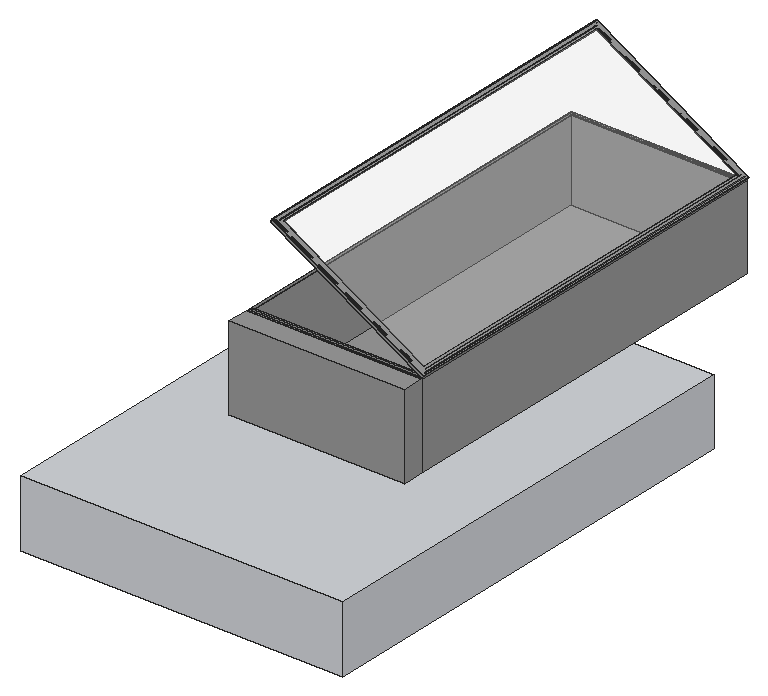
Revit family "Hager-Univers-IP55-D400-H1950-Cl.I-Steel_encl-SE-en", category Equipement électrique, Revit 2020
Family settings
  Hôte = Face
  Configuration du panneau = Deux colonnes, circuits au sein
  Cote de connecteur circulaire = Utiliser le diamètre
  Type d'élément = Tableau de raccordement
  Couper avec des vides une fois chargée = Non
  Partagée = Non
  Point de calcul de pièce = Non
Parameters (values of type "Floor installation IP55 W800 H1950 D400  - FR23V1")
  Width Control [instance] = if([EF000008 - Width] > Min Width, [EF000008 - Width], Min Width)  # 800 mm
  Commentaires du type = [HG000003 - Range]  # "Univers"
  Thickness Door [instance] = if([EF009171 - Material plate thickness door/cover] > 3 mm, 3 mm, [EF009171 - Material plate thickness door/cover])  # 1.5 mm
  Seal Frame Offset [instance] = 17 mm  # constant formula
  Plinth Visibility [instance] = [HG000027 - Plinth height] > 0 mm  # yes
  Model = ""
  Min Width [instance] = 100 mm  # constant formula
  Min Height [instance] = 100 mm  # constant formula
  Min Depth [instance] = (2 * [EF009170 - Material plate thickness cabinet]) + 1 mm  # 4 mm
  Internal Frame Depth [instance] = (Door System Depth * 0.5)  # 9 mm
  Height Control [instance] = if([EF000040 - Height] > Min Height, [EF000040 - Height], Min Height)  # 1950 mm
  HG000027 - Plinth height = 100 mm
  HG000026 - Floor standing = yes
  HG000024 - Bottom section height = 800 mm
  HG000023 - Double section enclosure = no
  HG000016 - Door 3d visibility [instance] = yes
  HG000015 - Clearance visibility [instance] = no
  HG000014 - Door on the right [instance] = yes
  HG000013 - Door on the left [instance] = not([HG000014 - Door on the right])  # no
  HG000012 - Door swing angle [instance] = 30.00°
  HG000010 - Asymmetric doors = no
  HG000009 - Double swing door = no
  HG000006 - Flush mounted = no
  HG000004 - Manufacturer reference = "FR23V1"
  HG000003 - Range = "Univers"
  HG000002 - With door or cover = yes
  Frame Offset Bottom [instance] = 10 mm  # constant formula
  Frame Offset [instance] = 15 mm  # constant formula
  EF015940 - Cover with overpressure release = no
  EF011959 - Degree of protection (NEMA) = ""
  EF009554 - Number of openings for flange plates = 6
  EF009212 - Cover model = "EV000116 - Closed"
  EF009171 - Material plate thickness door/cover = 1.5 mm
  EF009170 - Material plate thickness cabinet = 1.5 mm
  Fabricant = "Hager"  # constant formula
  EF008873 - Nominal current (In) = 800 A
  EF007800 - Suitable for lightning protection = no
  EF006306 - With lock = no
  EF006244 - Transparent cover/door = yes
  EF005474 - Degree of protection (IP) = "EV006420 - IP55"
  EF004464 - Type of door = "EV002646 - Single"
  EF004427 - Number of modules = 432
  EF004293 - Impact strength = "EV008784 - IK10"
  EF003532 - Suitable for outdoor use = no
  EF002950 - Width in number of modular spacings = 24
  EF001613 - Circuit integrity = "EV000494 - None"
  EF001596 - Material housing = "EV000179 - Steel"
  EF001131 - Internal depth = 400 mm
  EF001088 - Extension possible = yes
  EF000437 - Number of conduit inlets = 6
  EF000339 - Type of cover = "EV004216 - Door"
  EF000266 - Number of rows = 12
  EF000218 - Built-in depth = 0 mm
  EF000118 - With mounting plate = no
  EF000116 - RAL-number = "7035"
  EF000049 - Depth = 400 mm
  EF000040 - Height = 1950 mm
  EF000008 - Width = 800 mm
  EF000007 - Colour = "EV000270 - Grey"
  EF000003 - Mounting method = "EV012274 - Floor installation"
  Door System Leaf Tolerance [instance] = 1.5 mm  # constant formula
  Door System Depth [instance] = 18 mm  # constant formula
  Door Height [instance] = Height Control - [HG000027 - Plinth height]  # 1850 mm
  Depth Control [instance] = if([EF000049 - Depth] > Min Depth, [EF000049 - Depth], Min Depth)  # 400 mm
  Default Elevation = 0 mm
  Connector Offset [instance] = Height Control / 2  # 975 mm
  Bottom Top Plate Trim [instance] = 1.5 mm  # constant formula
  Plinth height Ctrl [instance] = if([HG000027 - Plinth height] > 0 mm, [HG000027 - Plinth height], 12 mm)  # 100 mm
Types (11, lengths in mm): name | Width Control | HG000010 - Asymmetric doors | HG000009 - Double swing door | HG000004 - Manufacturer reference | EF009554 - Number of openings for flange plates | EF006244 - Transparent cover/door | EF004464 - Type of door | EF004427 - Number of modules | EF000437 - Number of conduit inlets | EF000008 - Width
  Floor installation IP55 W1050 H1950 D400  - FR24G1 | 1050 | yes | yes | "FR24G1" | 8 | no | "EV003602 - Double" | 576 | 8 | 1050
  Floor installation IP55 W1050 H1950 D400  - FR24V1 | 1050 | yes | yes | "FR24V1" | 8 | yes | "EV003602 - Double" | 576 | 8 | 1050
  Floor installation IP55 W1300 H1950 D400  - FR25G1 | 1300 | yes | yes | "FR25G1" | 10 | no | "EV003602 - Double" | 720 | 10 | 1300
  Floor installation IP55 W1300 H1950 D400  - FR25V1 | 1300 | yes | yes | "FR25V1" | 10 | yes | "EV003602 - Double" | 720 | 10 | 1300
  Floor installation IP55 W1550 H1950 D400  - FR26G1 | 1550 | yes | yes | "FR26G1" | 12 | no | "EV003602 - Double" | 864 | 12 | 1550
  Floor installation IP55 W1550 H1950 D400  - FR26V1 | 1550 | yes | yes | "FR26V1" | 12 | yes | "EV003602 - Double" | 864 | 12 | 1550
  Floor installation IP55 W300 H1950 D400  - FR21G1 | 300 | no | no | "FR21G1" | 2 | no | "EV002646 - Single" | 144 | 2 | 300
  Floor installation IP55 W550 H1950 D400  - FR22G1 | 550 | no | no | "FR22G1" | 4 | no | "EV002646 - Single" | 288 | 4 | 550
  Floor installation IP55 W550 H1950 D400  - FR22V1 | 550 | no | no | "FR22V1" | 4 | yes | "EV002646 - Single" | 288 | 4 | 550
  Floor installation IP55 W800 H1950 D400  - FR23G1 | 800 | no | no | "FR23G1" | 6 | no | "EV002646 - Single" | 432 | 6 | 800
  Floor installation IP55 W800 H1950 D400  - FR23V1 | 800 | no | no | "FR23V1" | 6 | yes | "EV002646 - Single" | 432 | 6 | 800
Reference planes
  plane 1 "Center (Front/Back)": y = 0
  plane 2: z = 0
  plane 3 "Center (Left/Right)": x = 0
  plane 4: z = 400
  plane 5: y = 101.5
  plane 6: y = 1025
  plane 7: y = 100
  plane 8: y = 1950
  plane 9: z = 0
  plane 10: x = -385
  plane 11: x = 385
  plane 12: x = 383.5
  plane 13: x = -383.5
  plane 14: y = 1948.5
  plane 15: x = -383
  plane 16: x = -400
  plane 17: x = 383
  plane 18: x = 400
  plane 19: x = 398.5
  plane 20: x = -398.5
  plane 21: y = 111.5
  plane 22: y = 1950
  plane 23: y = 1933.5
  plane 24: z = 382
  plane 25: z = 1.5
  plane 26: z = 380.5
  plane 27: z = 398.5
Forms (mm)
  Extrusion 1, solid
    sketch origin (0, 0, 0) x (1, 0, 0) y (0, 1, 0)
      loop
        line (-702.964, 1305) -> (-702.964, -811.445) -> (766.763, -811.445) -> (766.763, 1305) -> (-702.964, 1305)
    from 0 to -304.8
  Extrusion 2, solid, material "Hager_Steel_RAL7035_Light_Grey", visible <- "Plinth Visibility", detail levels medium+fine
    sketch origin (0, 0, 0) x (1, 0, 0) y (0, 1, 0)
      loop
        line (-400, 0) -> (400, 0) -> (400, 100) -> (-400, 100) -> (-400, 0)
    from 0 to 382
  Extrusion 3, solid, material "Hager_Steel_RAL7035_Light_Grey", detail levels medium+fine
    sketch origin (0, 0, 0) x (1, 0, 0) y (0, 1, 0)
      loop
        line (-400, 100) -> (400, 100) -> (400, 1950) -> (-400, 1950) -> (-400, 100)
    from 0 to 382
  Extrusion 4, void
    sketch origin (0, 0, 0) x (1, 0, 0) y (0, 1, 0)
      loop
        line (-398.5, 101.5) -> (398.5, 101.5) -> (398.5, 1948.5) -> (-398.5, 1948.5) -> (-398.5, 101.5)
    from 1.5 to 380.5
  Extrusion 5, void
    sketch origin (-381.607, -4572, 382) x (0, -1, 0) y (-1, 0, 0)
      loop
        line (-4683.5, 1.893) -> (-6505.5, 1.893) -> (-6505.5, -765.107) -> (-4683.5, -765.107) -> (-4683.5, 1.893)
    from 0 to 1.5 <- "EF009170 - Material plate thickness cabinet"
  Extrusion 6, solid, material "Hager_Steel_RAL7035_Light_Grey", detail levels fine
    sketch origin (0, 0, 382) x (1, 0, 0) y (0, 1, 0)
      loop
        line (-383.5, 1933.5) -> (-383.5, 111.5) -> (383.5, 111.5) -> (383.5, 1933.5) -> (-383.5, 1933.5)
      loop
        line (-385, 110) -> (385, 110) -> (385, 1935) -> (-385, 1935) -> (-385, 110)
    from 0 to 9 <- "Internal Frame Depth"
  Extrusion 7, solid, material "Hager_Steel_RAL7035_Light_Grey", detail levels coarse
    sketch origin (0, 0, 0) x (1, 0, 0) y (0, 1, 0)
      loop
        line (-400, 0) -> (400, 0) -> (400, 1950) -> (-400, 1950) -> (-400, 0)
    from 0 to 400
  Sweep 8, void
    path in 3D
      loop
        line (-400, 100, 0) -> (400, 100, 0) -> (400, 100, 382) -> (-400, 100, 382) -> (-400, 100, 0)
    profile origin (-400, 100, 191) x (-1, 0, 0) y (0, -1, 0)
      loop
        line (0, 0) -> (0, 1.5) -> (-1.5, 1.5)
        arc (-1.5, 1.5) -> (-1.061, 0.439) -> (0, 0) r 1.5
Cuts and joins
  Extrusion 4, Extrusion 5 cuts Extrusion 3
  Sweep 8 cuts Extrusion 2
Lines and regions (mm)
  Masking region 1
    outline origin (0, 0, 0) x (1, 0, 0) y (0, 0, 1)
      loop
        line (-400, 400) -> (-400, 0) -> (400, 0) -> (400, 400) -> (-400, 400)
  Masking region 2, detail levels medium+fine
    outline origin (0, 140, 0) x (0, 1, 0) y (0, 0, 1)
      loop
        line (-40, 0) -> (1810, 0) -> (1810, 382) -> (-40, 382) -> (-40, 0)
  Masking region 3, not visible, detail levels medium+fine
    outline origin (0, 297.922, 0) x (0, 1, 0) y (0, 0, 1)
      loop
        line (738.578, 0) -> (778.578, 0) -> (778.578, 388.5)
        arc (778.578, 388.5) -> (775.649, 395.571) -> (768.578, 398.5) r 10
        line (768.578, 398.5) -> (738.578, 398.5) -> (738.578, 0)
  Masking region 4, detail levels coarse
    outline origin (0, 0, 180) x (0, 1, 0) y (0, 0, 1)
      loop
        line (0, -180) -> (1950, -180) -> (1950, 220) -> (0, 220) -> (0, -180)
  Masking region 5, visible <- "Plinth Visibility", detail levels medium+fine
    outline origin (0, 52.24, 12.345) x (0, 0, -1) y (0, 1, 0)
      loop
        line (10.845, 47.76) -> (-368.155, 47.76)
        arc (-368.155, 47.76) -> (-368.594, 46.699) -> (-369.655, 46.26) r 1.5
        line (-369.655, 46.26) -> (-369.655, -52.24) -> (12.345, -52.24) -> (12.345, 46.26)
        arc (12.345, 46.26) -> (11.285, 46.699) -> (10.845, 47.76) r 1.5
  Masking region 6, detail levels medium+fine
    outline origin (-381.607, -4572, 382) x (-1, 0, 0) y (0, -1, 0)
      loop
        line (18.393, -6522) -> (18.393, -4672) -> (-781.607, -4672) -> (-781.607, -6522) -> (18.393, -6522)
  Masking region 7, visible <- "Plinth Visibility", detail levels medium+fine
    outline origin (-381.607, -4727, 382) x (-1, 0, 0) y (0, -1, 0)
      loop
        arc (16.893, -4827) -> (17.332, -4825.939) -> (18.393, -4825.5) r 1.5
        line (18.393, -4825.5) -> (18.393, -4727) -> (-781.607, -4727) -> (-781.607, -4825.5)
        arc (-781.607, -4825.5) -> (-780.546, -4825.939) -> (-780.107, -4827) r 1.5
        line (-780.107, -4827) -> (16.893, -4827)
  Masking region 8, detail levels coarse
    outline origin (-442.548, -4669.526, 382) x (-1, 0, 0) y (0, -1, 0)
      loop
        line (-42.548, -6619.526) -> (-42.548, -4669.526) -> (-842.548, -4669.526) -> (-842.548, -6619.526) -> (-42.548, -6619.526)
  sketch lines
    curve 1: line (-400, 100, 382) -> (-400, 100, 0)
    curve 2: line (400, 100, 382) -> (-400, 100, 382)
    curve 3: line (400, 100, 382) -> (400, 100, 0)
    curve 4: line (-400, 100, 0) -> (400, 100, 0)
Dimensions and locks
  "Depth Control": plane 4 to Extrusion 1
  "HG000027 - Plinth height": plane 1 "Center (Front/Back)" to plane 7
  "EF009170 - Material plate thickness cabinet": plane 5 to plane 7
  locked: connector elem to plane 3 "Center (Left/Right)"
  equal spacing: plane 8, plane 6, plane 7
  locked: connector elem to plane 6
  "EF009170 - Material plate thickness cabinet": plane 8 to plane 14
  "EF009170 - Material plate thickness cabinet": plane 10 to plane 13
  "EF009170 - Material plate thickness cabinet": plane 12 to plane 11
  "Frame Offset": plane 20 to plane 13
  "Frame Offset": plane 12 to plane 19
  "EF009170 - Material plate thickness cabinet": plane 16 to plane 20
  "EF009170 - Material plate thickness cabinet": plane 19 to plane 18
  "Seal Frame Offset": plane 16 to plane 15
  "Seal Frame Offset": plane 17 to plane 18
  "Frame Offset Bottom": plane 21 to plane 5
  "Frame Offset": plane 14 to plane 23
  equal spacing: plane 16, plane 3 "Center (Left/Right)", plane 18
  "Width Control": plane 16 to plane 18
  "EF009170 - Material plate thickness cabinet": plane 4 to plane 27
  "EF009170 - Material plate thickness cabinet": plane 24 to plane 26
  "EF009170 - Material plate thickness cabinet": plane 25 to level
  "Door System Depth": plane 4 to plane 24
  "Height Control": plane 1 "Center (Front/Back)" to Extrusion 7 sketch curve
  "Height Control": Masking region 4 sketch curve to plane 1 "Center (Front/Back)"
  "Height Control": plane 1 "Center (Front/Back)" to plane 22
  "Bottom Top Plate Trim": profile plane to Sweep 8 sketch curve
  "Bottom Top Plate Trim": Sweep 8 sketch curve to profile plane
  "Plinth height Ctrl": plane 1 "Center (Front/Back)" to Extrusion 2 sketch curve
  "Plinth height Ctrl": Masking region 5 sketch curve to plane 1 "Center (Front/Back)"
  "Plinth height Ctrl": plane 1 "Center (Front/Back)" to Masking region 7 sketch curve
  "Thickness Door": Extrusion 6 sketch curve to Extrusion 6 sketch curve  (x3)
  "Thickness Door": cut or joined group of Extrusion 3, Extrusion 4, Extrusion 5 to Extrusion 6 sketch curve
  radius of Masking region 3 sketch curve = 10 mm
  "Bottom Top Plate Trim": radius of Masking region 5 sketch curve  (x2)
  "Bottom Top Plate Trim": radius of Sweep 8 sketch curve
  "Bottom Top Plate Trim": radius of Masking region 7 sketch curve  (x2)
  aligned and locked: plane 2 to Extrusion 1
  aligned and locked: level to Extrusion 1
  aligned and locked: level to Masking region 1 sketch curve
  aligned and locked: Masking region 1 sketch curve to plane 18
  aligned and locked: Masking region 1 sketch curve to plane 16
  aligned and locked: plane 7 to Masking region 2 sketch curve
  aligned and locked: level to Masking region 3 sketch curve
  aligned and locked: Masking region 3 sketch curve to plane 27
  aligned and locked: level to Masking region 2 sketch curve
  aligned and locked: plane 1 "Center (Front/Back)" to Extrusion 2 sketch curve
  aligned and locked: Extrusion 3 sketch curve to plane 7
  aligned and locked: plane 16 to Extrusion 3 sketch curve
  aligned and locked: plane 18 to Extrusion 3 sketch curve
  aligned and locked: plane 20 to Extrusion 4 sketch curve
  aligned and locked: plane 19 to Extrusion 4 sketch curve
  aligned and locked: Extrusion 4 sketch curve to plane 5
  aligned and locked: Extrusion 4 to plane 25
  aligned and locked: plane 26 to Extrusion 4
  aligned and locked: plane 24 to Extrusion 3
  aligned and locked: Extrusion 5 sketch curve to plane 21
  aligned and locked: Extrusion 5 sketch curve to plane 13
  aligned and locked: Extrusion 5 sketch curve to plane 12
  aligned and locked: plane 18 to Extrusion 7 sketch curve
  aligned and locked: plane 1 "Center (Front/Back)" to Extrusion 7 sketch curve
  aligned and locked: plane 16 to Extrusion 7 sketch curve
  aligned and locked: plane 4 to Extrusion 7
  aligned and locked: Extrusion 7 to level
  aligned and locked: level to Masking region 4 sketch curve
  aligned and locked: Masking region 4 sketch curve to plane 1 "Center (Front/Back)"
  aligned and locked: Masking region 4 sketch curve to plane 4
  aligned and locked: nested 1 to level
  aligned and locked: nested 1 to plane 16
  aligned and locked: plane 8 to Extrusion 3 sketch curve
  aligned and locked: plane 23 to Extrusion 5 sketch curve
  aligned and locked: plane 14 to Extrusion 4 sketch curve
  aligned and locked: Masking region 2 sketch curve to plane 8
  aligned and locked: level to Masking region 5 sketch curve
  aligned and locked: plane 16 to Extrusion 2 sketch curve
  aligned and locked: plane 18 to Extrusion 2 sketch curve
  aligned and locked: Masking region 5 sketch curve to plane 24
  aligned and locked: Masking region 2 sketch curve to plane 24
  aligned and locked: plane 24 to Extrusion 2
  aligned and locked: profile plane to Sweep 8 sketch curve  (x2)
  aligned and locked: Masking region 6 sketch curve to plane 18
  aligned and locked: Masking region 6 sketch curve to plane 22
  aligned and locked: Masking region 6 sketch curve to plane 16
  aligned and locked: plane 8 to plane 22
  aligned and locked: Masking region 6 sketch curve to plane 7
  aligned and locked: Masking region 7 sketch curve to plane 16
  aligned and locked: Masking region 7 sketch curve to plane 1 "Center (Front/Back)"
  aligned and locked: Masking region 7 sketch curve to plane 18
  aligned and locked: Masking region 8 sketch curve to plane 1 "Center (Front/Back)"
  aligned and locked: Masking region 8 sketch curve to plane 18
  aligned and locked: Masking region 8 sketch curve to plane 22
  aligned and locked: Masking region 8 sketch curve to plane 16
  aligned and locked: nested 2 to plane 7
  aligned and locked: plane 3 "Center (Left/Right)" to nested 2
  aligned and locked: nested 2 to plane 24
  aligned and locked: Extrusion 6 sketch curve to cut or joined group of Extrusion 3, Extrusion 4, Extrusion 5  (x4)
Automatic sketch dimensions
  Extrusion 1 sketch curve to Extrusion 1 sketch curve = 1469.727 mm
  Extrusion 1 sketch curve to Extrusion 1 sketch curve = 2116.445 mm
  Masking region 1 sketch curve to plane 4 = 0 mm
  plane 6 to Masking region 3 sketch curve = 11.5 mm
  Masking region 3 sketch curve to Masking region 3 sketch curve = 30 mm
  Masking region 5 sketch curve to plane 1 "Center (Front/Back)" = 0 mm
Nested families
  nested 1: "Hager_Enclosure_Symbol" at (-400, 0, 0) x (1, 0, 0) z (0, -1, 0), Height <- "Depth Control", Width <- "Width Control", type "Hager_Enclosure_Symbol"
    with Width_Ctrl 800 mm, Width 800 mm, Height_Ctrl 400 mm, Height 400 mm, A_Width_Int 26.25 mm, A_Width 315 mm, A_Height_Ctrl 350 mm, A_Height 350 mm
  nested 2: "EC000058_Univers_Door" at (0, 100, 382) x (1, 0, 0) z (0, 1, 0), Leaf_Tolerance <- "Door System Leaf Tolerance", Angle <- "HG000012 - Door swing angle", Door_Depth <- "Door System Depth", Door_Left <- "HG000013 - Door on the left", Transparent <- "EF006244 - Transparent cover/door", Assymetrical <- "HG000010 - Asymmetric doors", Width <- "Width Control", Clearance <- "HG000015 - Clearance visibility", Double <- "HG000009 - Double swing door", 3d_Door <- "HG000016 - Door 3d visibility", Lock_Visibility <- "EF006306 - With lock", Width_Ctrl <- "Width Control", Door_Right <- "HG000014 - Door on the right", Door <- "HG000002 - With door or cover", Height <- "Door Height", Thickness <- "Thickness Door", type "EC000058_Univers_Door", detail levels medium+fine
    with min_wh 4 mm, Width_Ctrl 800 mm, Width 800 mm, Transparent yes, Thickness 1.5 mm, Seal_Material Hager_Rubber, Lock_Visibility no, Lock_Material Hager_Plastic_RAL9005_Jet_Black, Leaf_Width 800 mm, Leaf_Tolerance_External_Sides 0 mm, Leaf_Tolerance 1.5 mm, Leaf_Offset 0 mm, Leaf_Height 1847 mm, Leaf_2_Width 800 mm, Leaf_2_Offset 400 mm, Leaf_1_Width 800 mm, Leaf_1_Offset 400 mm, Height_Ctrl 1850 mm, Height 1850 mm, Glass_Material Hager_Glass, Double_Clearance_Ctrl no, Double no, Door_Right_Ctrl yes, Door_Right yes, Door_Material Hager_Steel_RAL7035_Light_Grey, Door_Left_Ctrl no, Door_Left no, Door_Depth 18 mm, Door yes, Clearance_Material Hager_Clearance, Clearance_Depth 800 mm, Clearance_Ctrl no, Clearance no, Assymetrical no, Angle 30.00°, 3d_Door yes
Connectors
  electrical at (0, 1025, 0)
    settings: on plane 9, index 1, voltage 0 V, apparent load 0 VA, apparent load phase1 0 VA, apparent load phase2 0 VA, apparent load phase3 0 VA, power factor 1, load classification "Other", number of poles 1, system type 30, power factor state 1, is connector primary yes, connector utility no, sub classification motor no, connector description ""
Definition of nested family "EC000058_Univers_Door"
  Parameters (values of type "EC000058_Univers_Door")
    min_wh [instance] = (2 * Thickness) + 1 mm  # 11 mm
    Width_Ctrl [instance] = 400 mm
    Width [instance] = 500 mm
    Transparent [instance] = yes
    Thickness [instance] = 5 mm
    Seal_Material [instance] = none
    Lock_Visibility [instance] = yes
    Lock_Material [instance] = none
    Leaf_Width [instance] = if((Width_Ctrl - 2 * Leaf_Tolerance_External_Sides) > 0 mm, (Width_Ctrl - 2 * Leaf_Tolerance_External_Sides), min_wh)  # 400 mm
    Leaf_Tolerance_External_Sides [instance] = 0 mm  # constant formula
    Leaf_Tolerance [instance] = 1.5 mm
    Leaf_Offset [instance] = 0 mm  # constant formula
    Leaf_Height [instance] = if((Height_Ctrl - 2 * Leaf_Tolerance) > 0 mm, (Height_Ctrl - 2 * Leaf_Tolerance), min_wh)  # 497 mm
    Leaf_2_Width [instance] = if(and(and(Double, Assymetrical), Door_Left), (Leaf_Width / 3) - (Leaf_Tolerance / 2), if(and(and(Double, Assymetrical), Door_Right), (Leaf_Width / 3) * 2 - (Leaf_Tolerance / 2), if(and(Double, not(Assymetrical)), (Leaf_Width / 2) - Leaf_Tolerance, Leaf_Width)))  # 400 mm
    Leaf_2_Offset [instance] = if(and(Double, Assymetrical), Leaf_2_Width / 2, if(and(Double, not(Assymetrical)), Leaf_Width / 4, Leaf_Width / 2))  # 200 mm
    Leaf_1_Width [instance] = if(and(and(Double, Assymetrical), Door_Right), (Leaf_Width / 3) - (Leaf_Tolerance / 2), if(and(and(Double, Assymetrical), Door_Left), (Width / 3) * 2 - (Leaf_Tolerance / 2), if(and(Double, not(Assymetrical)), (Leaf_Width / 2) - Leaf_Tolerance, Leaf_Width)))  # 400 mm
    Leaf_1_Offset [instance] = if(and(Double, Assymetrical), Leaf_1_Width / 2, if(and(Double, not(Assymetrical)), Leaf_Width / 4, Leaf_Width / 2))  # 200 mm
    Height_Ctrl [instance] = if(Height > min_wh, Height, min_wh)  # 500 mm
    Height [instance] = 500 mm
    Glass_Material [instance] = none
    Double_Clearance_Ctrl [instance] = and(Double, Clearance)  # no
    Double [instance] = no
    Door_Right_Ctrl [instance] = and(or(Door_Right, Double), Door)  # yes
    Door_Right [instance] = yes
    Door_Material [instance] = none
    Door_Left_Ctrl [instance] = and(or(Door_Left, Double), Door)  # no
    Door_Left [instance] = no
    Door_Depth [instance] = 30 mm
    Door [instance] = yes
    Default Elevation = 1219.2 mm
    Clearance_Material [instance] = none
    Clearance_Depth [instance] = if(Leaf_1_Width > Leaf_2_Width, Leaf_1_Width, Leaf_2_Width)  # 400 mm
    Clearance_Ctrl [instance] = and(not(Double), Clearance)  # yes
    Clearance [instance] = yes
    Assymetrical [instance] = yes
    Angle [instance] = 30.00°
    3d_Door [instance] = yes
  Reference planes
    plane 1 "Center (Front/Back)": y = 0
    plane 2 "Bottom": z = 0
    plane 3 "Center (Left/Right)": x = 0
    plane 4: z = 500
    plane 5: x = -200
    plane 6: x = 200
    plane 7: z = 500
    plane 8: x = -200
    plane 9: z = 0
    plane 10: x = 200
    plane 11: y = 0
    plane 12: z = 1.5
    plane 13: x = -600
    plane 14: y = -400
    plane 15: x = 600
    plane 16: x = 0
    plane 17: x = 0
    plane 18: x = -200
    plane 19: x = 200
    plane 20: z = 498.5
  Forms (mm)
    Extrusion 1, solid, material <- "Clearance_Material", visible <- "Double_Clearance_Ctrl"
      sketch origin (1200, 0, 0) x (1, 0, 0) y (0, 0, -1)
        loop
          line (-1800, -498.5) -> (-600, -498.5) -> (-600, 0) -> (-1800, 0) -> (-1800, -498.5)
      from 0 to -400
  Dimensions and locks
    equal spacing: plane 5, plane 3 "Center (Left/Right)", plane 6
    "Width_Ctrl": plane 5 to plane 6
    "Leaf_Offset": plane 5 to plane 8
    "Leaf_Offset": plane 6 to plane 10
    "Leaf_Offset": plane 9 to level
    "Leaf_Offset": plane 4 to plane 7
    "Height_Ctrl": plane 4 to level
    "Leaf_Tolerance": plane 12 to plane 9
    locked: plane 11 to plane 1 "Center (Front/Back)"
    "Leaf_1_Offset": plane 18 to plane 16
    "Leaf_2_Offset": plane 17 to plane 19
    "Leaf_1_Width": plane 13 to plane 8
    "Leaf_2_Width": plane 10 to plane 15
    "Clearance_Depth": plane 14 to plane 1 "Center (Front/Back)"
    "Leaf_Tolerance_External_Sides": plane 8 to plane 18
    "Leaf_Tolerance_External_Sides": plane 19 to plane 10
    "Leaf_Tolerance": plane 7 to plane 20
    aligned and locked: level to plane 2 "Bottom"
    aligned and locked: nested 1 to plane 16
    aligned and locked: nested 2 to plane 17
    aligned and locked: Extrusion 1 to plane 13
    aligned and locked: plane 15 to Extrusion 1
    aligned and locked: Extrusion 1 to plane 14
    aligned and locked: plane 12 to nested 1
    aligned and locked: nested 2 to plane 12
    aligned and locked: Extrusion 1 to plane 11
    aligned and locked: plane 20 to Extrusion 1
    aligned and locked: nested 2 to plane 11
    aligned and locked: nested 1 to plane 11
  Automatic sketch dimensions
    Extrusion 1 sketch curve to level = 0 mm
    plane 5 to Extrusion 1 sketch curve = 400 mm
    plane 6 to Extrusion 1 sketch curve = 400 mm
    Extrusion 1 sketch curve to plane 4 = 1.5 mm
  Nested families
    nested 1: "EC000058_Univers_Door_Leaf" at (0, 0, 1.5), Width <- "Leaf_1_Width", visible <- "Door_Left_Ctrl", Leaf_Height <- "Leaf_Height", Angle <- "Angle", 3d_Door <- "3d_Door", Transparent <- "Transparent", Clearance Material <- "Clearance_Material", Clearance <- "Clearance_Ctrl", Door_Material <- "Door_Material", Glass_Material <- "Glass_Material", Door_Depth <- "Door_Depth", Lock_Material <- "Lock_Material", Seal_Material <- "Seal_Material", Lock_Visibility <- "Lock_Visibility", Thickness <- "Thickness", type "EC000058_Univers_Door_Leaf"
      with Width 400 mm, Transparent_Glass_Offset 30 mm, Transparent_Ctrl yes, Transparent yes, Thickness 5 mm, Standard no, Seal_Material none, Seal_D2 8 mm, Seal_D1 1 mm, Offset_Internal_Frame 10 mm, Lock_Width 20 mm, Lock_Visibility_3d yes, Lock_Visibility yes, Lock_Thickness_3 3 mm, Lock_Thickness_2 1 mm, Lock_Thickness_1 3 mm, Lock_Radius_Offset_2 16 mm, Lock_Radius_Offset_1 15 mm, Lock_Radius_2 5 mm, Lock_Radius 6 mm, Lock_Offset 5 mm, Lock_Material none, Lock_Height 80 mm, Lock_Cover_Top_Offset_2d 17 mm, Lock_Cover_Height -65 mm, Leaf_Height 497 mm, Internal_Seal_Thickness 8 mm, Internal_Seal_Depth_2 4.5 mm, Internal_Frame_Depth 25 mm, Glass_Thickness -1 mm, Glass_Offset -2 mm, Glass_Material none, Door_Material none, Door_Depth 30 mm, Clearance Material none, Clearance yes, Angle_Ctrl 30.00°, Angle 30.00°, 3d_Door yes
    nested 2: "EC000058_Univers_Door_Leaf" at (0, 0, 1.5) x (-1, 0, 0) z (0, 0, 1), Width <- "Leaf_2_Width", visible <- "Door_Right_Ctrl", Leaf_Height <- "Leaf_Height", Angle <- "Angle", 3d_Door <- "3d_Door", Transparent <- "Transparent", Clearance Material <- "Clearance_Material", Clearance <- "Clearance_Ctrl", Door_Material <- "Door_Material", Glass_Material <- "Glass_Material", Door_Depth <- "Door_Depth", Lock_Material <- "Lock_Material", Seal_Material <- "Seal_Material", Lock_Visibility <- "Lock_Visibility", Thickness <- "Thickness", type "EC000058_Univers_Door_Leaf"
      with Width 400 mm, Transparent_Glass_Offset 30 mm, Transparent_Ctrl yes, Transparent yes, Thickness 5 mm, Standard no, Seal_Material none, Seal_D2 8 mm, Seal_D1 1 mm, Offset_Internal_Frame 10 mm, Lock_Width 20 mm, Lock_Visibility_3d yes, Lock_Visibility yes, Lock_Thickness_3 3 mm, Lock_Thickness_2 1 mm, Lock_Thickness_1 3 mm, Lock_Radius_Offset_2 16 mm, Lock_Radius_Offset_1 15 mm, Lock_Radius_2 5 mm, Lock_Radius 6 mm, Lock_Offset 5 mm, Lock_Material none, Lock_Height 80 mm, Lock_Cover_Top_Offset_2d 17 mm, Lock_Cover_Height -65 mm, Leaf_Height 497 mm, Internal_Seal_Thickness 8 mm, Internal_Seal_Depth_2 4.5 mm, Internal_Frame_Depth 25 mm, Glass_Thickness -1 mm, Glass_Offset -2 mm, Glass_Material none, Door_Material none, Door_Depth 30 mm, Clearance Material none, Clearance yes, Angle_Ctrl 30.00°, Angle 30.00°, 3d_Door yes
  Definition of nested family "EC000058_Univers_Door_Leaf"
    Parameters (values of type "EC000058_Univers_Door_Leaf")
      Width [instance] = 2000 mm
      Transparent_Glass_Offset [instance] = 30 mm
      Transparent_Ctrl [instance] = and(Transparent, [3d_Door])  # yes
      Transparent [instance] = yes
      Thickness [instance] = 5 mm
      Standard [instance] = and(not(Transparent), [3d_Door])  # no
      Seal_Material [instance] = none
      Seal_D2 [instance] = 8 mm  # constant formula
      Seal_D1 [instance] = 1 mm  # constant formula
      Offset_Internal_Frame [instance] = 10 mm  # constant formula
      Lock_Width [instance] = 20 mm  # constant formula
      Lock_Visibility_3d [instance] = and(Lock_Visibility, [3d_Door])  # yes
      Lock_Visibility [instance] = yes
      Lock_Thickness_3 [instance] = 3 mm  # constant formula
      Lock_Thickness_2 [instance] = 1 mm  # constant formula
      Lock_Thickness_1 [instance] = 3 mm  # constant formula
      Lock_Radius_Offset_2 [instance] = Lock_Radius_Offset_1 + 1 mm  # 16 mm
      Lock_Radius_Offset_1 [instance] = 15 mm  # constant formula
      Lock_Radius_2 [instance] = Lock_Radius - 1 mm  # 5 mm
      Lock_Radius [instance] = 6 mm  # constant formula
      Lock_Offset [instance] = 5 mm  # constant formula
      Lock_Material [instance] = none
      Lock_Height [instance] = 80 mm  # constant formula
      Lock_Cover_Top_Offset_2d [instance] = Lock_Radius_Offset_2 + 1 mm  # 17 mm
      Lock_Cover_Height [instance] = -(Lock_Height - Lock_Radius_Offset_1)  # -65 mm
      Leaf_Height [instance] = 2720.336 mm
      Internal_Seal_Thickness [instance] = 8 mm  # constant formula
      Internal_Seal_Depth_2 [instance] = 4.5 mm  # constant formula
      Internal_Frame_Depth [instance] = if(Door_Depth - Thickness > 5 mm, Door_Depth - Thickness, 5 mm)  # 25 mm
      Glass_Thickness [instance] = if(Thickness > 15 mm, Glass_Offset + 10 mm, -1 mm)  # -1 mm
      Glass_Offset [instance] = if(Thickness > 15 mm, -(Thickness + 10 mm) / 2, -2 mm)  # -2 mm
      Glass_Material [instance] = none
      Door_Material [instance] = none
      Door_Depth [instance] = 30 mm
      Default Elevation = 0 mm
      Clearance Material [instance] = none
      Clearance [instance] = yes
      Angle_Ctrl [instance] = if(Angle > 180.00°, 180.00°, Angle)  # 90.00°
      Angle [instance] = 90.00°
      3d_Door [instance] = yes
    Reference planes
      plane 1 "Center (Front/Back)": y = 0
      plane 2: z = 0
      plane 3 "Center (Left/Right)": x = 0
      plane 4: y = 2000
      plane 5: x = -1000
      plane 6: x = 1000
      plane 7: x = -3000
      plane 8: z = 2720.336
      plane 9: z = 30
      plane 10: z = 2690.336
      plane 11: x = 970
      plane 12: x = -970
      plane 13: y = -3
      plane 14: z = 107.833
      plane 15: y = -5
      plane 16: y = -223.314
      plane 17: x = -1000
      plane 18: z = 1360.168
      plane 19: y = 30
    Forms (mm)
      Extrusion 1, solid, material <- "Clearance Material", visible <- "Clearance"
        sketch origin (0, 0, 0) x (1, 0, 0) y (0, 0, 1)
          loop
            line (-3000, 2720.336) -> (-3000, 0) -> (1000, 0) -> (1000, 2720.336) -> (-3000, 2720.336)
        from 0 to -2000
      Extrusion 2, solid, material <- "Door_Material", visible <- "Standard", detail levels medium+fine
        sketch origin (-1000, 0, 0) x (0, 1, 0) y (-1, 0, 0)
          loop
            line (0, 30) -> (0, 25) -> (2000, 25) -> (2000, 30) -> (0, 30)
        from 0 to 2720.336 <- "Leaf_Height"
      Extrusion 3, solid, material <- "Door_Material", visible <- "Transparent_Ctrl", detail levels medium+fine
        sketch origin (-1000, 0, 0) x (0, 1, 0) y (-1, 0, 0)
          loop
            line (0, 25) -> (2000, 25) -> (2000, 30) -> (0, 30) -> (0, 25)
        from 0 to 2720.336 <- "Leaf_Height"
      Extrusion 4, void
        sketch origin (-1025, 2000, 0) x (0, 1, 0) y (0, 0, -1)
          loop
            line (-30, -2690.336) -> (-30, -30) -> (-1970, -30) -> (-1970, -2690.336) -> (-30, -2690.336)
        from 0 to 5 <- "Thickness"
      Sweep 5, solid, material <- "Seal_Material", visible <- "Transparent_Ctrl", detail levels fine
        path in 3D
          loop
            line (-1025, 30, 30) -> (-1025, 30, 2690.336) -> (-1025, 1970, 2690.336) -> (-1025, 1970, 30) -> (-1025, 30, 30)
        profile origin (-1025, 1000, 30) x (1, 0, 0) y (0, 0, 1)
          loop
            line (0, 0) -> (0, -8) -> (1, -8) -> (1, 0) -> (0, 0)
      Extrusion 6, solid, material <- "Glass_Material", visible <- "Transparent_Ctrl", detail levels medium+fine
        sketch origin (-1030, 0, 0) x (0, 1, 0) y (0, 0, -1)
          loop
            line (1970, -2690.336) -> (1970, -30) -> (30, -30) -> (30, -2690.336) -> (1970, -2690.336)
        from -2 <- "Glass_Offset" to -1 <- "Glass_Thickness"
      Extrusion 7, solid, material <- "Door_Material", visible <- "3d_Door", detail levels medium+fine
        sketch origin (-1025, 2000, 0) x (0, -1, 0) y (0, 0, -1)
          loop
            line (0, -2720.336) -> (2000, -2720.336) -> (2000, 0) -> (0, 0) -> (0, -2720.336)
          loop
            line (1995, -5) -> (5, -5) -> (5, -2715.336) -> (1995, -2715.336) -> (1995, -5)
        from 0 to 25 <- "Internal_Frame_Depth"
      Sweep 8, solid, material <- "Seal_Material", visible <- "Transparent_Ctrl", detail levels fine
        path in 3D
          loop
            line (-1025, 0, 0) -> (-1025, 2000, 0) -> (-1025, 2000, 2720.336) -> (-1025, 0, 2720.336) -> (-1025, 0, 0)
        profile origin (-1025, 0, 1360.168) x (1, 0, 0) y (0, 1, 0)
          loop
            line (0, 10) -> (2.975, 10)
            arc (2.975, 10) -> (4.053, 10.447) -> (4.5, 11.525) r 1.525
            line (4.5, 11.525) -> (4.5, 16.527)
            arc (4.5, 16.527) -> (4.069, 17.569) -> (3.027, 18) r 1.473
            line (3.027, 18) -> (0, 18) -> (0, 10)
      Extrusion 9, solid, material <- "Lock_Material", visible <- "Lock_Visibility_3d", detail levels fine
        sketch origin (-1030, 0, 0) x (0, 1, 0) y (0, 0, -1)
          loop
            arc (1993.5, -1400.168) -> (1994.561, -1399.729) -> (1995, -1398.668) r 1.5
            line (1995, -1398.668) -> (1995, -1320.168) -> (1975, -1320.168) -> (1975, -1398.668)
            arc (1975, -1398.668) -> (1975.439, -1399.729) -> (1976.5, -1400.168) r 1.5
            line (1976.5, -1400.168) -> (1993.5, -1400.168)
        from 3 <- "Lock_Thickness_1" to 0
      Blend 10, solid, material <- "Lock_Material", visible <- "Lock_Visibility_3d", detail levels fine
        base sketch origin (-1033, 0, 0) x (0, 1, 0) y (0, 0, -1)
          loop
            line (1975, -1320.168) -> (1975, -1398.668)
            arc (1975, -1398.668) -> (1975.439, -1399.729) -> (1976.5, -1400.168) r 1.5
            line (1976.5, -1400.168) -> (1993.5, -1400.168)
            arc (1993.5, -1400.168) -> (1994.561, -1399.729) -> (1995, -1398.668) r 1.5
            line (1995, -1398.668) -> (1995, -1320.168) -> (1975, -1320.168)
        top sketch origin (-1033, 0, 0) x (0, 1, 0) y (0, 0, -1)
          loop
            line (1976, -1320.168) -> (1976, -1398.668)
            arc (1976, -1398.668) -> (1976.146, -1399.022) -> (1976.5, -1399.168) r 0.5
            line (1976.5, -1399.168) -> (1993.5, -1399.168)
            arc (1993.5, -1399.168) -> (1993.854, -1399.022) -> (1994, -1398.668) r 0.5
            line (1994, -1398.668) -> (1994, -1320.168) -> (1976, -1320.168)
        from 0 to 1 <- "Lock_Thickness_2"
      Blend 11, solid, material <- "Lock_Material", visible <- "Lock_Visibility_3d", detail levels fine
        base sketch origin (-1034, 0, 0) x (0, 1, 0) y (0, 0, -1)
          loop
            line (1978, -1320.168) -> (1978, -1384.168)
            arc (1978, -1384.168) -> (1985, -1391.168) -> (1992, -1384.168) r 7
            line (1992, -1384.168) -> (1992, -1320.168) -> (1978, -1320.168)
        top sketch origin (-1034, 0, 0) x (0, 1, 0) y (0, 0, -1)
          loop
            line (1991, -1320.168) -> (1979, -1320.168) -> (1979, -1383.168)
            arc (1979, -1383.168) -> (1985, -1389.168) -> (1991, -1383.168) r 6
            line (1991, -1383.168) -> (1991, -1320.168)
        from 0 to 3 <- "Lock_Thickness_3"
      Extrusion 12, solid, material <- "Lock_Material", visible <- "Lock_Visibility_3d", detail levels fine
        sketch origin (-1030, 1975, 1320.168) x (1, 0, 0) y (0, -1, 0)
          loop
            line (-7, -19) -> (-7, -1) -> (0, -1) -> (0, 0) -> (-8, 0) -> (-8, -20) -> (0, -20) -> (0, -19) -> (-7, -19)
        from 0 to -65 <- "Lock_Cover_Height"
      Extrusion 13, void
        sketch origin (-1038, 1995, 1320.168) x (-1, 0, 0) y (0, 0, -1)
          loop
            line (-5, -65) -> (0, -65) -> (-5, -60) -> (-5, -65)
        from 0 to 20 <- "Lock_Width"
      Extrusion 14, void
        sketch origin (-1038, 1975, 1320.168) x (0, -1, 0) y (0, 0, -1)
          loop
            circle (-10, -15.995) r 6
          loop
            circle (-10, -15.995) r 5
        from 0 to 2
      Extrusion 15, solid, material <- "Lock_Material", visible <- "Lock_Visibility_3d", detail levels medium
        sketch origin (-1030, 0, 0) x (0, 1, 0) y (0, 0, -1)
          loop
            arc (1993.5, -1400.168) -> (1994.561, -1399.729) -> (1995, -1398.668) r 1.5
            line (1995, -1398.668) -> (1995, -1320.168) -> (1975, -1320.168) -> (1975, -1398.668)
            arc (1975, -1398.668) -> (1975.439, -1399.729) -> (1976.5, -1400.168) r 1.5
            line (1976.5, -1400.168) -> (1993.5, -1400.168)
        from 8 to 0
    Cuts and joins
      Extrusion 4 cuts Extrusion 3
      Extrusion 13, Extrusion 14 cuts Extrusion 9
      Extrusion 14 cuts Blend 11
      Extrusion 13, Extrusion 14 cuts Extrusion 12
      joined: Extrusion 9, Blend 10, Blend 11, Extrusion 12
      Extrusion 14 cuts Extrusion 15
    Lines and regions (mm)
      Masking region 1, visible <- "Lock_Visibility", detail levels fine
        outline origin (0, 0, 0) x (0, 1, 0) y (0, 0, 1)
          loop
            line (30, 1320.168) -> (33, 1320.168) -> (33, 1400.168) -> (30, 1400.168) -> (30, 1320.168)
      Masking region 2, visible <- "Lock_Visibility", detail levels fine
        outline origin (0, 3.143, 0) x (0, 1, 0) y (0, 0, 1)
          loop
            line (29.857, 1354.168) -> (30.857, 1354.168) -> (30.857, 1366.168) -> (29.857, 1366.168) -> (29.857, 1354.168)
      Masking region 3, detail levels medium+fine
        outline origin (0, 0, 0) x (0, 1, 0) y (0, 0, 1)
          loop
            line (0, 0) -> (30, 0) -> (30, 2720.336) -> (0, 2720.336) -> (0, 0)
      Masking region 4, detail levels medium+fine
        outline origin (0, 0, 0) x (1, 0, 0) y (0, 0, 1)
          loop
            line (-1000, 2720.336) -> (-1000, 0) -> (1000, 0) -> (1000, 2720.336) -> (-1000, 2720.336)
      Masking region 5, visible <- "Lock_Visibility", detail levels fine
        outline origin (-47.116, 0, 0) x (1, 0, 0) y (0, 0, 1)
          loop
            arc (1024.616, 1399.168) -> (1023.556, 1398.729) -> (1023.116, 1397.668) r 1.5
            line (1023.116, 1397.668) -> (1023.116, 1320.168) -> (1041.116, 1320.168) -> (1041.116, 1397.668)
            arc (1041.116, 1397.668) -> (1040.677, 1398.729) -> (1039.616, 1399.168) r 1.5
            line (1039.616, 1399.168) -> (1024.616, 1399.168)
      Masking region 6, visible <- "Lock_Visibility", detail levels medium+fine
        outline origin (-25, 0, 0) x (1, 0, 0) y (0, 0, 1)
          loop
            arc (1001.5, 1400.168) -> (1000.439, 1399.729) -> (1000, 1398.668) r 1.5
            line (1000, 1398.668) -> (1000, 1320.168) -> (1020, 1320.168) -> (1020, 1398.668)
            arc (1020, 1398.668) -> (1019.561, 1399.729) -> (1018.5, 1400.168) r 1.5
            line (1018.5, 1400.168) -> (1001.5, 1400.168)
      Masking region 7, visible <- "Lock_Visibility", detail levels fine
        outline origin (-73.735, 0, 0) x (1, 0, 0) y (0, 0, 1)
          loop
            line (1051.735, 1382.168) -> (1065.735, 1382.168) -> (1065.735, 1384.168)
            arc (1065.735, 1384.168) -> (1058.735, 1391.168) -> (1051.735, 1384.168) r 7
            line (1051.735, 1384.168) -> (1051.735, 1382.168)
      Masking region 8, visible <- "Lock_Visibility", detail levels fine
        outline origin (-73.735, 0, 0) x (1, 0, 0) y (0, 0, 1)
          loop
            line (1052.735, 1382.168) -> (1064.735, 1382.168) -> (1064.735, 1383.168)
            arc (1064.735, 1383.168) -> (1058.735, 1389.168) -> (1052.735, 1383.168) r 6
            line (1052.735, 1383.168) -> (1052.735, 1382.168)
      Masking region 9, visible <- "Lock_Visibility", detail levels fine
        outline origin (-25, 0, 0) x (1, 0, 0) y (0, 0, 1)
          loop
            line (1020, 1320.168) -> (1020, 1382.168) -> (1000, 1382.168) -> (1000, 1320.168) -> (1020, 1320.168)
      Masking region 10, detail levels medium+fine
        outline origin (0, 0, 0) x (1, 0, 0) y (0, 0, 1)
          loop
            circle (985, 1335.144) r 6
      Masking region 11, detail levels fine
        outline origin (0, 0, 0) x (1, 0, 0) y (0, 0, 1)
          loop
            circle (985, 1335.144) r 5
      Masking region 12, visible <- "Lock_Visibility", detail levels fine
        outline origin (0, 12.767, 0) x (0, 1, 0) y (0, 0, 1)
          loop
            line (20.233, 1320.168) -> (21.233, 1320.168) -> (21.233, 1399.168) -> (20.233, 1400.168) -> (20.233, 1320.168)
      Masking region 13, visible <- "Lock_Visibility", detail levels fine
        outline origin (0, 13.767, -10) x (0, 1, 0) y (0, 0, 1)
          loop
            line (20.233, 1330.168) -> (23.233, 1330.168) -> (23.233, 1399.168) -> (20.233, 1402.168) -> (20.233, 1330.168)
      Masking region 14, visible <- "Lock_Visibility", detail levels fine
        outline origin (0, 12.767, -10) x (0, 1, 0) y (0, 0, 1)
          loop
            line (20.233, 1330.168) -> (25.233, 1330.168) -> (25.233, 1399.305) -> (20.233, 1394.305) -> (20.233, 1330.168)
      Masking region 15, visible <- "Lock_Visibility", detail levels medium
        outline origin (0, 0, 0) x (0, 1, 0) y (0, 0, 1)
          loop
            line (30, 1320.168) -> (38, 1320.168) -> (38, 1400.168) -> (30, 1400.168) -> (30, 1320.168)
      Masking region 16, visible <- "Lock_Visibility", detail levels fine
        outline origin (-1000, 0, 0) x (0, 1, 0) y (-1, 0, 0)
          loop
            line (1975, 30) -> (1995, 30) -> (1995, 38) -> (1975, 38) -> (1975, 30)
          loop
            line (1979, 37) -> (1976, 37) -> (1976, 34) -> (1978, 34) -> (1979, 37)
          loop
            line (1994, 37) -> (1991, 37) -> (1992, 34) -> (1994, 34) -> (1994, 37)
      Masking region 17, visible <- "Lock_Visibility", detail levels medium
        outline origin (-1000, 0, 0) x (0, 1, 0) y (-1, 0, 0)
          loop
            line (1975, 30) -> (1995, 30) -> (1995, 38) -> (1975, 38) -> (1975, 30)
      symbolic lines
        curve 1: line (1000, 0, 0) -> (-3000, 0, 0)
        curve 2: arc (1000, 0, 0) -> (-1000, 2000, 0) -> (-3000, 0, 0) r 2000
        curve 4: line (-1030, 0, 0) -> (-1030, 2000, 0)
      reference lines
        curve 3: line (-1000, 0, 0) -> (-1000, 2000, 0)
      symbolic lines, detail levels medium+fine
        curve 5: line (-1030, 2000, 0) -> (-1025, 2000, 0)
        curve 7: line (-1025, 0, 0) -> (-1030, 0, 0)
        curve 8: line (-1025, 0, 0) -> (-1000, 0, 0)
        curve 9: line (-1000, 0, 0) -> (-1000, 2000, 0)
        curve 10: line (-1000, 2000, 0) -> (-1025, 2000, 0)
      symbolic lines, detail levels fine
        curve 6: line (-1025, 2000, 0) -> (-1025, 0, 0)
      sketch lines
        curve 11: line (-1025, 0, 2720.336) -> (-1025, 0, 0)
        curve 12: line (-1025, 2000, 0) -> (-1025, 0, 0)
        curve 13: line (-1025, 2000, 2720.336) -> (-1025, 2000, 0)
        curve 14: line (-1025, 0, 2720.336) -> (-1025, 2000, 2720.336)
        curve 15: line (-1025, 1970, 30) -> (-1025, 30, 30)
        curve 16: line (-1025, 30, 30) -> (-1025, 30, 2690.336)
        curve 17: line (-1025, 1970, 2690.336) -> (-1025, 1970, 30)
        curve 18: line (-1025, 30, 2690.336) -> (-1025, 1970, 2690.336)
      symbolic lines, visible <- "Transparent", detail levels medium+fine
        curve 19: line (-970, 0, 2690.336) -> (970, 0, 2690.336)
        curve 20: line (-970, 0, 30) -> (-970, 0, 2690.336)
        curve 21: line (970, 0, 30) -> (-970, 0, 30)
        curve 22: line (970, 0, 2690.336) -> (970, 0, 30)
    Dimensions and locks
      "Width": plane 1 "Center (Front/Back)" to plane 4
      equal spacing: plane 5, plane 3 "Center (Left/Right)", plane 6
      "Width": plane 5 to plane 6
      "Width": plane 7 to plane 5
      "Leaf_Height": plane 8 to level
      "Width": curve 5 to curve 3
      "Width": curve 3 to curve 3
      plane 8 to plane 10 = 30 mm
      plane 9 to level = 30 mm
      plane 12 to plane 5 = 30 mm
      plane 6 to plane 11 = 30 mm
      Extrusion 1 to Extrusion 4 sketch curve = 30 mm
      "Transparent_Glass_Offset": curve 3 to Extrusion 4 sketch curve
      "Transparent_Glass_Offset": Extrusion 4 sketch curve to cut or joined group of Extrusion 3, Extrusion 4  (x2)
      cut or joined group of Extrusion 3, Extrusion 4 to Extrusion 6 sketch curve = 30 mm
      "Transparent_Glass_Offset": cut or joined group of Extrusion 3, Extrusion 4 to Extrusion 4 sketch curve
      "Thickness": curve 6 to curve 4
      "Thickness": Extrusion 7 sketch curve to Extrusion 7 sketch curve  (x4)
      "Door_Depth": curve 4 to curve 3
      "Offset_Internal_Frame": profile plane to Sweep 8 sketch curve
      "Internal_Seal_Thickness": Sweep 8 sketch curve to Sweep 8 sketch curve
      "Internal_Seal_Depth_2": profile plane to Sweep 8 sketch curve
      "Seal_D1": profile plane to Sweep 5 sketch curve
      "Seal_D2": profile plane to Sweep 5 sketch curve
      "Thickness": Extrusion 2 sketch curve to Extrusion 2 sketch curve
      equal spacing: Extrusion 9 sketch curve, plane 18, Extrusion 9 sketch curve  (x2)
      equal spacing: Masking region 1 sketch curve, plane 18, Masking region 1 sketch curve
      "Lock_Height": Masking region 1 sketch curve to Masking region 1 sketch curve
      "Lock_Radius": Masking region 2 sketch curve to plane 18 to Masking region 2 sketch curve
      Masking region 2 sketch curve to Masking region 1 = 1 mm
      "Door_Depth": plane 19 to plane 1 "Center (Front/Back)"
      "Lock_Thickness_1": Masking region 1 sketch curve to plane 19
      "Lock_Width": Extrusion 9 sketch curve to Extrusion 9 sketch curve
      "Lock_Height": Extrusion 9 sketch curve to Extrusion 9 sketch curve
      "Lock_Offset": cut or joined group of Extrusion 3, Extrusion 4 to Extrusion 9 sketch curve
      equal spacing: plane 8, plane 18, level
      "Lock_Radius_Offset_1": Blend 11 sketch curve to Blend 10
      locked: Blend 10 to Blend 11 sketch curve at 2  (x2)
      locked: var sketch to Blend 11 sketch curve at 1  (x2)
      "Lock_Radius_Offset_2": Blend 11 sketch curve to Blend 10
      locked: Extrusion 12 sketch curve to Extrusion 12 sketch curve at 1  (x3)
      Masking region 6 sketch curve to Masking region 6 sketch curve = 80 mm
      "Lock_Height": Masking region 6 sketch curve to Masking region 6 sketch curve
      "Lock_Width": Masking region 6 sketch curve to Masking region 6 sketch curve
      locked: Masking region 6 to Masking region 5 sketch curve at 1  (x3)
      locked: Masking region 5 to Masking region 7 sketch curve at 2  (x2)
      "Lock_Radius_Offset_1": Masking region 5 to Masking region 7 sketch curve
      "Lock_Radius_Offset_2": Masking region 5 to Masking region 8 sketch curve
      locked: Masking region 7 to Masking region 8 sketch curve at 1  (x2)
      "Lock_Cover_Top_Offset_2d": Masking region 5 to Masking region 9 sketch curve
      equal spacing: Masking region 9, Masking region 10 sketch curve, Masking region 9
      equal spacing: Masking region 9, Masking region 11 sketch curve, Masking region 9
      Extrusion 15 sketch curve to Extrusion 15 sketch curve = 80 mm
      "Lock_Width": Extrusion 15 sketch curve to Extrusion 15 sketch curve
      "Lock_Height": Extrusion 15 sketch curve to Extrusion 15 sketch curve
      equal spacing: Extrusion 15 sketch curve, plane 18, Extrusion 15 sketch curve
      "Lock_Thickness_3": Masking region 13 sketch curve to Masking region 13 sketch curve
      "Lock_Height": Masking region 12 sketch curve to Masking region 12 sketch curve
      locked: Masking region 13 sketch curve to Masking region 1 at 8
      locked: Masking region 14 sketch curve to Masking region 13 at 1
      locked: Masking region 14 sketch curve to Masking region 1 at 10.863
      "Lock_Height": Masking region 15 sketch curve to Masking region 15 sketch curve
      "Lock_Offset": Extrusion 15 sketch curve to cut or joined group of Extrusion 3, Extrusion 4
      "Lock_Offset": plane 6 to Masking region 6 sketch curve
      radius of Sweep 8 sketch curve = 1.525 mm
      radius of Sweep 8 sketch curve = 1.473 mm
      radius of Extrusion 9 sketch curve = 1.5 mm  (x2)
      "Lock_Radius": radius of Extrusion 14 sketch curve
      "Lock_Radius_2": radius of Extrusion 14 sketch curve
      "Lock_Radius": radius of Masking region 10 sketch curve
      "Lock_Radius_2": radius of Masking region 11 sketch curve
      radius of Extrusion 15 sketch curve = 1.5 mm  (x2)
      "Angle_Ctrl": angle plane 1 "Center (Front/Back)" to curve 3
      locked: Masking region 12 sketch curve to Masking region 12 sketch curve (angle 45.00°)
      locked: Masking region 13 sketch curve to Masking region 13 sketch curve (angle 45.00°)
      locked: Masking region 14 sketch curve to Masking region 14 sketch curve (angle 45.00°)
      aligned and locked: level to plane 2
      aligned and locked: Extrusion 1 to curve 1
      aligned and locked: plane 6 to Extrusion 1
      aligned and locked: Extrusion 1 to plane 1 "Center (Front/Back)"
      aligned and locked: plane 4 to Extrusion 1
      aligned and locked: plane 8 to Extrusion 1
      aligned and locked: curve 7 to Extrusion 2 sketch curve
      aligned and locked: curve 5 to Extrusion 2 sketch curve
      aligned and locked: curve 7 to Extrusion 3 sketch curve
      aligned and locked: Extrusion 3 sketch curve to curve 4
      aligned and locked: Extrusion 3 sketch curve to curve 6
      aligned and locked: Extrusion 3 sketch curve to curve 5
      aligned and locked: curve 9 to curve 3
      aligned and locked: Extrusion 7 sketch curve to cut or joined group of Extrusion 3, Extrusion 4  (x4)
      aligned and locked: plane 17 to curve 3
      aligned and locked: plane 1 "Center (Front/Back)" to curve 3
      aligned and locked: plane 17 to plane 5
      aligned and locked: Sweep 8 sketch curve to profile plane
      aligned and locked: Sweep 5 sketch curve to profile plane  (x2)
      aligned and locked: Masking region 1 to Masking region 2 sketch curve
      aligned and locked: plane 19 to Masking region 1 sketch curve
      aligned and locked: plane 1 "Center (Front/Back)" to Masking region 3 sketch curve
      aligned and locked: plane 19 to Masking region 3 sketch curve
      aligned and locked: level to Masking region 3 sketch curve
      aligned and locked: Masking region 3 sketch curve to plane 8
      aligned and locked: plane 17 to Masking region 4 sketch curve
      aligned and locked: level to Masking region 4 sketch curve
      aligned and locked: Masking region 4 sketch curve to plane 8
      aligned and locked: plane 12 to curve 20
      aligned and locked: plane 10 to curve 19
      aligned and locked: plane 11 to curve 22
      aligned and locked: curve 21 to plane 9
      aligned and locked: Extrusion 2 sketch curve to cut or joined group of Extrusion 3, Extrusion 4
      aligned and locked: Blend 10 sketch curve to Extrusion 9  (x4)
      aligned and locked: Extrusion 9 to Blend 10 sketch curve
      aligned and locked: Blend 10 to Blend 11 sketch curve
      aligned and locked: Extrusion 12 sketch curve to Blend 11
      aligned and locked: Extrusion 12 sketch curve to Extrusion 9  (x4)
      aligned and locked: Masking region 5 sketch curve to Masking region 6
      aligned and locked: Masking region 9 sketch curve to Masking region 6  (x3)
      aligned and locked: Masking region 12 sketch curve to Masking region 1
      aligned and locked: Masking region 13 sketch curve to Masking region 1
      aligned and locked: Masking region 12 to Masking region 14
      aligned and locked: Masking region 14 sketch curve to Masking region 1
      aligned and locked: Masking region 15 sketch curve to Masking region 14
      aligned and locked: Masking region 13 sketch curve to Masking region 12
      aligned and locked: Masking region 16 sketch curve to cut or joined group of Extrusion 14, Extrusion 15  (x4)
      aligned and locked: Masking region 16 sketch curve to cut or joined group of Extrusion 9, Blend 10, Blend 11, Extrusion 12, Extrusion 13, Extrusion 14  (x6)
      aligned and locked: cut or joined group of Extrusion 9, Blend 10, Blend 11, Extrusion 12, Extrusion 13, Extrusion 14 to Masking region 16 sketch curve
      aligned and locked: Masking region 17 sketch curve to cut or joined group of Extrusion 14, Extrusion 15  (x3)
      aligned and locked: Masking region 17 sketch curve to cut or joined group of Extrusion 9, Blend 10, Blend 11, Extrusion 12, Extrusion 13, Extrusion 14
      aligned and locked: Masking region 9 to Masking region 8 sketch curve
      aligned and locked: Masking region 9 to Masking region 7 sketch curve
    Automatic sketch dimensions
      plane 1 "Center (Front/Back)" to curve 2 = 0 mm
      curve 2 to plane 5 = 0 mm
      Extrusion 1 sketch curve to level = 0 mm
      Extrusion 1 sketch curve to plane 7 = 0 mm
      Extrusion 1 sketch curve to plane 6 = 0 mm
      Extrusion 1 sketch curve to plane 8 = 0 mm
      Extrusion 3 to Extrusion 6 sketch curve = 30 mm  (x4)
      Masking region 4 sketch curve to plane 6 = 0 mm
      Blend 10 sketch curve to Extrusion 9 = 1.5 mm
      Blend 10 sketch curve to Extrusion 9 = 1 mm
      Extrusion 13 sketch curve to Extrusion 12 = 0 mm  (x2)
      Extrusion 12 to Extrusion 13 sketch curve = 3 mm
      Extrusion 13 sketch curve to Extrusion 12 = 5 mm
      Extrusion 14 sketch curve to Extrusion 14 sketch curve = 0 mm  (x2)
      Extrusion 14 sketch curve to Extrusion 12 = 10 mm
      Extrusion 14 sketch curve to Extrusion 12 = 15.995 mm
      Masking region 5 sketch curve to Masking region 5 sketch curve = 1.5 mm  (x2)
      Masking region 10 sketch curve to plane 18 = 25.024 mm
      Masking region 11 sketch curve to plane 18 = 25.024 mm
      plane 19 to Masking region 14 sketch curve = 3 mm
      Masking region 16 sketch curve to Masking region 16 sketch curve = 3 mm
      curve 4 to curve 3 = 0 mm
      Blend 10 to Blend 11 sketch curve = 0 mm
      Masking region 6 sketch curve to Masking region 6 sketch curve = 1.5 mm  (x2)
      Masking region 6 sketch curve to plane 18 = 40 mm
      plane 19 to Masking region 12 sketch curve = 3 mm
      Masking region 12 sketch curve to Masking region 12 sketch curve = 1 mm
      Masking region 15 sketch curve to plane 19 = 0 mm
      Masking region 15 sketch curve to plane 18 = 40 mm
      radius of Blend 10 sketch curve to Extrusion 9 = 1 mm
Definition of nested family "Hager_Enclosure_Symbol"
  Parameters (values of type "Hager_Enclosure_Symbol")
    Width_Ctrl [instance] = if(Width > 1 mm, Width, 1 mm)  # 102.27 mm
    Width [instance] = 102.27 mm
    Height_Ctrl [instance] = if(Height > 1 mm, Height, 1 mm)  # 66.5 mm
    A_Width_Int [instance] = if(A_Width / 12 > 2 mm, A_Width / 12, 2 mm)  # 4.364 mm
    A_Width [instance] = if(A_Height_Ctrl * 0.9 > 2 mm, A_Height_Ctrl * 0.9, 2 mm)  # 52.369 mm
    A_Height_Ctrl [instance] = if(A_Height > 2 mm, A_Height, 2 mm)  # 58.188 mm
    Height [instance] = 66.5 mm
    A_Height [instance] = Height - (Height / 8)  # 58.188 mm
  Reference planes
    plane 1 "Centre (avant/arrière)": y = 0
    plane 2: z = 0
    plane 3 "Centre (gauche/droite)": x = 0
    plane 4: x = 52.369
    plane 5: y = 33.042
    plane 6: y = 41.77
    plane 7: y = 66.5
    plane 8: x = 26.184
    plane 9: y = 37.406
    plane 10: x = 102.27
    plane 11: y = 66.5
    plane 12: y = 8.313
  Lines and regions (mm)
    Filled region 1, type "Solid_Black", in view "Niveau de réf."
      outline origin (0, 0, 0) x (1, 0, 0) y (0, 1, 0)
        loop
          line (52.369, 66.5) -> (33.188, 54.536) -> (45.365, 45.006) -> (52.369, 66.5)
    Filled region 2, type "Solid_Black", in view "Niveau de réf."
      outline origin (0, 0, 0) x (1, 0, 0) y (0, 1, 0)
        loop
          line (0, 0) -> (102.27, 0) -> (102.27, 66.5) -> (0, 0)
    detail lines, in view "Niveau de réf."
      curve 1: line (0, 8.313, 0) -> (26.184, 41.77, 0)
      curve 2: line (26.184, 41.77, 0) -> (26.184, 33.042, 0)
      curve 3: line (26.184, 33.042, 0) -> (52.369, 66.5, 0)
  Dimensions and locks
    "A_Width": plane 3 "Centre (gauche/droite)" to plane 4
    equal spacing: plane 3 "Centre (gauche/droite)", plane 8, plane 4
    equal spacing: plane 6, plane 9, plane 5
    equal spacing: curve 3, Filled region 1 sketch curve, Filled region 1 sketch curve
    "Height_Ctrl": plane 1 "Centre (avant/arrière)" to plane 11
    "A_Height_Ctrl": plane 11 to plane 12
    equal spacing: plane 11, plane 9, plane 12
    "A_Width_Int": plane 6 to plane 9
    "Width_Ctrl": plane 3 "Centre (gauche/droite)" to plane 10
    angle Filled region 1 sketch curve to curve 3 = 20.00°
    angle curve 3 to Filled region 1 sketch curve = 20.00°
    locked: curve 3 to Filled region 1 sketch curve (angle 90.00°)
    aligned and locked: plane 10 to Filled region 2
    aligned and locked: plane 11 to Filled region 2 sketch curve
    aligned and locked: plane 10 to Filled region 2 sketch curve
    aligned and locked: plane 3 "Centre (gauche/droite)" to curve 1
    aligned and locked: plane 12 to curve 1
    aligned and locked: plane 7 to plane 11
  Automatic sketch dimensions
    Filled region 1 sketch curve to plane 4 = 0 mm
    Filled region 1 sketch curve to plane 7 = 0 mm
    plane 1 "Centre (avant/arrière)" to Filled region 2 sketch curve = 0 mm
    Filled region 2 sketch curve to plane 3 "Centre (gauche/droite)" = 0 mm
    curve 2 to plane 6 = 0 mm
    curve 2 to plane 8 = 0 mm
    curve 3 to plane 4 = 0 mm
    curve 2 to plane 5 = 0 mm
    curve 3 to plane 7 = 0 mm
